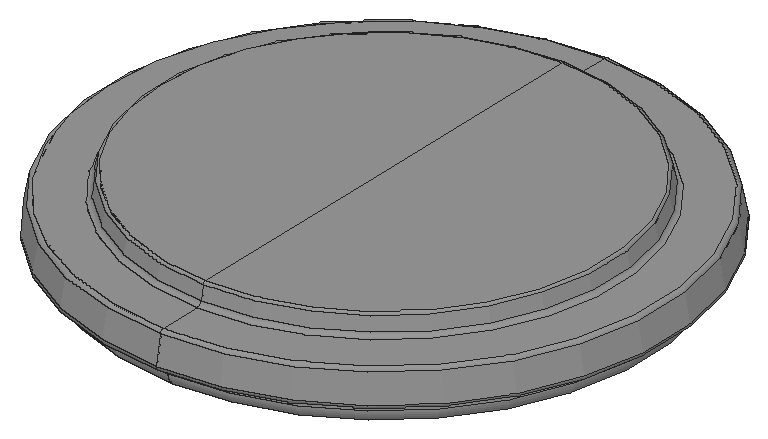
Revit family "FMK12_63_UN_Surface-mounted_ETK", category Lighting Fixtures, Revit 2017 (continued)
Definition of nested family "FMK.1 - Lightsource"
  Types (13, lengths in mm): name | Wattage Comments | Photometric Web File | built-in parameter 1150142 | Apparent Load
      7\t845.6279\t837.2505\t828.7046\r\n820.8892\t808.5294\t794.6828\t780.7313\t766.7399\t753.3042\t736.8157\t717.376\t698.4828\t679.6018\r\n660.7454\t640.362\t616.5052\t593.2118\t569.9003\t546.5645\t521.7449\t492.9603\t464.7713\t436.5529\r\n408.4089\t380.2993\t352.2163\t324.1871\t296.1648\t295.0992\t58.3298\t0\t0\t0\r\n0\t0\t0\t0\t0\t0\r\n874.5378\t873.1787\t871.8906\t869.4225\t865.4741\t861.5098\t853.6663\t845.5419\t837.3296\t828.966\r\n820.9946\t808.168\t794.4658\t780.6698\t766.7676\t753.3828\t735.9125\t717.1808\t698.4002\t679.6289\r\n661.3763\t639.5511\t616.3854\t593.1622\t569.9268\t547.3452\t520.7008\t492.559\t464.4021\t436.3034\r\n408.2306\t380.1924\t352.1746\t324.1506\t296.1435\t291.7229\t42.0496\t0\t0\t0\r\n0\t0\t0\t0\t0\t0\r\n874.5378\t873.1872\t871.8792\t869.3796\t865.4501\t861.5019\t853.6048\t845.4724\t837.3383\t829.125\r\n821.257\t808.0996\t794.2463\t780.4905\t766.783\t753.4813\t735.7151\t717.0553\t698.4012\t679.7154\r\n661.4284\t639.2059\t616.1027\t593.032\t569.9375\t547.3608\t520.2839\t492.1925\t464.1315\t436.0946\r\n408.059\t380.0439\t352.0407\t324.044\t296.0592\t287.2616\t29.2412\t0\t0\t0\r\n0\t0\t0\t0\t0\t0\r\n874.5378\t873.1946\t871.8708\t869.3429\t865.3511\t861.4654\t853.522\t845.3876\t837.3038\t829.213\r\n821.3983\t808.0589\t794.2785\t780.4806\t766.7138\t753.3578\t735.4135\t716.9221\t698.3876\t679.8174\r\n661.6144\t639.1454\t616.089\t593.0322\t569.9791\t547.3253\t519.937\t491.9011\t463.8912\t435.8826\r\n407.9047\t379.9152\t351.9308\t323.9706\t296.0103\t282.4648\t19.3452\t0\t0\t0\r\n0\t0\t0\t0\t0\t0\r\n874.5378\t873.2008\t871.8658\t869.3122\t865.3181\t861.3444\t853.4315\t845.314\t837.1882\t829.0836\r\n821.3316\t807.9939\t794.3269\t780.6068\t766.7932\t753.2953\t735.1635\t716.7098\t698.244\t679.7566\r\n661.541\t638.9137\t615.9516\t592.9558\t569.9576\t547.2581\t519.6607\t491.6764\t463.7221\t435.7385\r\n407.7559\t379.7909\t351.82\t323.8538\t295.9054\t277.7253\t11.876\t0\t0\t0\r\n0\t0\t0\t0\t0\t0\r\n874.5378\t873.2063\t871.8819\t869.2874\t865.299\t861.3052\t853.3055\t845.2393\t837.1371\t829.0142\r\n821.0261\t807.611\t794.0568\t780.5616\t766.9301\t753.4319\t735.1638\t716.7034\t698.239\t679.8087\r\n661.5455\t638.787\t615.8396\t592.8931\t569.9362\t547.1758\t519.4196\t491.4447\t463.4832\t435.5123\r\n407.5575\t379.6062\t351.6484\t323.704\t295.7593\t273.5651\t6.4599\t0\t0\t0\r\n0\t0\t0\t0\t0\t0\r\n874.5378\t873.2105\t871.8807\t869.2628\t865.2938\t861.3005\t853.2621\t845.2028\t837.128\t829.06\r\n821.0427\t807.5309\t793.9063\t780.3313\t766.755\t753.2447\t734.942\t716.5464\t698.1597\t679.7663\r\n661.4406\t638.6005\t615.6694\t592.7384\t569.8083\t546.9635\t519.1064\t491.1625\t463.2285\t435.2879\r\n407.3554\t379.4271\t351.4835\t323.553\t295.6103\t270.2942\t2.8007\t0\t0\t0\r\n0\t0\t0\t0\t0\t0\r\n874.5378\t873.2137\t871.8805\t869.2526\t865.3191\t861.3779\t853.3055\t845.2304\t837.1334\t829.0749\r\n821.0348\t807.4942\t793.9368\t780.3801\t766.8224\t753.2824\t734.9445\t716.5876\t698.2309\t679.8615\r\n661.5194\t638.5978\t615.6583\t592.7294\t569.7867\t546.8703\t518.9484\t491.0018\t463.0691\t435.1272\r\n407.1843\t379.2411\t351.3004\t323.3593\t295.4183\t268.1597\t0.6894\t0\t0\t0\r\n0\t0\t0\t0\t0\t0\r\n874.5378\t873.2162\t871.8817\t869.2512\t865.3246\t861.398\t853.3139\t845.2299\t837.1587\t829.0747\r\n820.9909\t807.4275\t793.8644\t780.3012\t766.7379\t753.1619\t734.7868\t716.3988\t698.0109\t679.6229\r\n661.2479\t638.3686\t615.4767\t592.5977\t569.7187\t546.8395\t518.879\t490.9314\t462.9709\t435.0106\r\n407.0501\t379.1025\t351.142\t323.1814\t295.2209\t267.2733\t0\t0\t0\t0\r\n0\t0\t0\t0\t0\t0\r\n874.5378\t873.2174\t871.8842\t869.2581\t865.33\t861.4047\t853.311\t845.2056\t837.0739\t828.9462\r\n820.8403\t807.3318\t793.812\t780.2968\t766.7726\t753.2824\t734.8778\t716.4489\t698.0158\t679.5644\r\n661.1377\t638.226\t615.3145\t592.3919\t569.4886\t546.6473\t518.7089\t490.7526\t462.7876\t434.832\r\n406.8651\t378.8974\t350.9408\t322.9721\t295.0166\t267.7135\t0.6882\t0\t0\t0\r\n0\t0\t0\t0\t0\t0\r\n874.5378\t873.2177\t871.8879\t869.2735\t865.3469\t861.3799\t853.2844\t845.155\t837.0176\t828.8619\r\n820.7739\t807.3132\t793.8041\t780.2628\t766.7183\t753.2454\t734.8257\t716.3247\t697.8308\t679.3293\r\n660.9416\t638.108\t615.1923\t592.2845\t569.3639\t546.5397\t518.6258\t490.6343\t462.6452\t434.6416\r\n406.6545\t378.671\t350.6837\t322.6904\t294.7068\t269.3434\t2.7907\t0\t0\t0\r\n0\t0\t0\t0\t0\t0\r\n874.5378\t873.2169\t871.8926\t869.3412\t865.3486\t861.3804\t853.3\t845.1503\t837.0129\t828.8406\r\n820.781\t807.3419\t793.7647\t780.1949\t766.6136\t753.1874\t734.828\t716.2947\t697.7396\t679.1926\r\n660.798\t638.0135\t615.0616\t592.1117\t569.1699\t546.4236\t518.594\t490.5681\t462.5307\t434.4953\r\n406.4633\t378.4463\t350.4245\t322.4064\t294.4018\t272.1014\t6.4249\t0\t0\t0\r\n0\t0\t0\t0\t0\t0\r\n874.5378\t873.2152\t871.9278\t869.3558\t865.3439\t861.3861\t853.3487\t845.1726\t836.967\t828.727\r\n820.664\t807.3077\t793.6823\t780.0565\t766.3986\t753.0359\t734.7796\t716.1724\t697.5441\t678.9154\r\n660.5438\t637.9001\t614.9125\t591.9018\t568.8701\t546.1409\t518.4497\t490.3558\t462.2465\t434.1892\r\n406.1466\t378.1144\t350.0904\t322.0724\t294.0605\t275.7519\t11.7902\t0\t0\t0\r\n0\t0\t0\t0\t0\t0\r\n874.5378\t873.2125\t871.9301\t869.3625\t865.3333\t861.4025\t853.3886\t845.1642\t836.8993\t828.5519\r\n820.5008\t807.2182\t793.5762\t779.9097\t766.2426\t752.8677\t734.7486\t716.0623\t697.3795\t678.6902\r\n660.3598\t637.8116\t614.703\t591.6\t568.5132\t545.9536\t518.4934\t490.3721\t462.235\t434.1121\r\n405.9648\t377.8798\t349.8149\t321.752\t293.7119\t279.934\t19.1677\t0\t0\t0\r\n0\t0\t0\t0\t0\t0\r\n874.5378\t873.2087\t871.9283\t869.3615\t865.3142\t861.4034\t853.4312\t845.153\t836.7716\t828.2778\r\n820.2997\t807.3122\t793.6719\t779.8871\t766.0274\t752.6458\t734.7694\t716.0323\t697.2557\t678.4638\r\n660.1817\t637.9182\t614.73\t591.4671\t568.2176\t545.5107\t518.3416\t490.1876\t462.0312\t433.8869\r\n405.7513\t377.6234\t349.5079\t321.3916\t293.2989\t284.1544\t28.9161\t0\t0\t0\r\n0\t0\t0\t0\t0\t0\r\n874.5378\t873.2038\t871.9226\t869.3526\t865.2926\t861.396\t853.4883\t845.0821\t836.5563\t828.1191\r\n820.3394\t807.5393\t793.6652\t779.7566\t765.8495\t752.4732\t734.8709\t715.9857\t697.1124\t678.2287\r\n659.8486\t637.8277\t614.451\t591.1489\t567.8835\t545.2682\t518.535\t490.2868\t462.0508\t433.819\r\n405.599\t377.4086\t349.2259\t321.0734\t292.9314\t288.0436\t41.5021\t0\t0\t0\r\n0\t0\t0\t0\t0\t0\r\n874.5378\t873.1653\t871.9129\t869.3206\t865.2668\t861.4007\t853.4932\t844.934\t836.47\t828.0812\r\n820.2094\t807.6214\t793.6578\t779.6636\t765.5934\t752.0593\t735.5085\t715.9368\t696.9351\t677.8584\r\n658.7356\t638.292\t614.4044\t591.0443\t567.6866\t544.304\t519.3028\t490.3332\t461.9982\t433.6833\r\n405.3974\t377.1517\t348.9276\t320.723\t292.5515\t290.8817\t57.4609\t0\t0\t0\r\n0\t0\t0\t0\t0\t0\r\n874.5378\t873.1594\t871.8996\t869.3025\t865.2375\t861.3385\t853.4196\t844.908\t836.4832\t827.9292\r\n819.9316\t807.7258\t793.6464\t779.4456\t765.2737\t751.0757\t735.6312\t715.9911\t696.7548\t677.5122\r\n658.3453\t638.4048\t614.4245\t590.8503\t567.3218\t543.8124\t519.3638\t490.4245\t462.0381\t433.6563\r\n405.2967\t376.956\t348.6364\t320.3659\t292.1286\t291.9233\t77.4293\t0\t0\t0\r\n0\t0\t0\t0\t0\t0\r\n874.5378\t873.1534\t871.8827\t869.2822\t865.215\t861.238\t853.4466\t844.9759\t836.4204\t827.7241\r\n818.9191\t808.4396\t793.5628\t779.3941\t765.1038\t750.8009\t735.6841\t715.8661\t696.6742\t677.3612\r\n657.9261\t638.2092\t614.3411\t590.6648\t567.015\t543.4159\t519.4623\t490.6092\t462.0416\t433.4799\r\n405.0336\t376.6498\t348.2942\t319.9803\t291.7083\t263.4712\t160.4034\t0\t0\t0\r\n0\t0\t0\t0\t0\t0\r\n874.5378\t873.1477\t871.8619\t869.2593\t865.1716\t861.0587\t853.5235\t845.0092\t836.3294\t827.5569\r\n818.5312\t808.4001\t793.7203\t779.3638\t764.9143\t750.195\t735.4562\t716.0883\t696.5906\t677.0308\r\n657.4478\t637.9207\t614.2992\t590.5998\t566.774\t542.8288\t519.1553\t490.67\t462.0466\t433.4484\r\n404.8989\t376.4164\t347.9938\t319.613\t291.2777\t263.0144\t184.51\t0\t0\t0\r\n0\t0\t0\t0\t0\t0\r\n874.5378\t873.1423\t871.8214\t869.2343\t865.1225\t860.9335\t854.1648\t845.025\t836.2902\t827.3501\r\n818.0969\t808.537\t793.8403\t779.2954\t764.5287\t749.9304\t735.4085\t716.1846\t696.4574\t676.7315\r\n656.9624\t637.7089\t614.426\t590.2698\t566.3735\t542.4149\t518.8773\t490.8972\t462.1599\t433.4591\r\n404.7836\t376.1976\t347.6786\t319.2432\t290.8385\t262.4971\t206.9558\t0\t0\t0\r\n0\t0\t0\t0\t0\t0\r\n874.5378\t873.1371\t871.7974\t869.2045\t865.0709\t860.8053\t854.2772\t845.095\t836.2942\t827.0798\r\n817.8728\t808.475\t793.9383\t779.1604\t764.5213\t749.55\t734.9988\t716.2734\t696.4663\t676.581\r\n656.5889\t636.4035\t615.0402\t590.3719\t566.1577\t541.9601\t518.3775\t491.169\t462.2869\t433.4958\r\n404.7142\t375.9673\t347.3617\t318.8732\t290.4122\t262.0192\t226.7248\t0\t0\t0\r\n0\t0\t0\t0\t0\t0\r\n874.5378\t873.1321\t871.7723\t869.1765\t865.0118\t860.1806\t854.362\t845.25\t836.2505\t826.93\r\n817.5699\t808.2184\t794.0459\t779.3879\t764.3095\t749.0823\t733.7856\t717.1666\t696.5144\t676.2573\r\n656.1331\t635.9858\t615.1213\t590.3305\t565.9234\t541.5204\t517.1911\t492.0191\t462.4518\t433.5271\r\n404.7176\t375.8832\t347.0934\t318.4429\t289.9088\t261.4666\t242.4907\t0\t0\t0\r\n0\t0\t0\t0\t0\t0\r\n874.5378\t873.1276\t871.7463\t869.1475\t865.1507\t860.059\t854.4649\t845.3869\t836.1791\t826.8843\r\n817.1853\t807.8265\t794.4898\t779.3946\t764.1011\t748.7048\t733.2358\t717.1317\t696.5003\t676.2439\r\n655.8685\t635.3524\t614.9014\t590.4089\t565.8118\t541.1035\t516.5141\t492.0967\t462.8679\t433.6426\r\n404.5624\t375.6186\t346.7992\t318.0818\t289.4678\t260.9595\t252.9585\t20.8546\t0\t0\r\n0\t0\t0\t0\t0\t0\r\n874.5378\t873.1239\t871.7193\t869.1177\t865.1083\t859.9445\t854.5656\t845.5213\t836.2176\t826.7529\r\n816.8356\t806.7715\t795.3953\t779.4412\t763.9771\t748.401\t732.6044\t716.8924\t696.7922\t676.2588\r\n655.5476\t634.8207\t614.4939\t590.5547\t565.6334\t540.9101\t516.0191\t491.6092\t463.0361\t433.7875\r\n404.6152\t375.564\t346.5899\t317.7396\t289.041\t260.4697\t256.5419\t50.1377\t0\t0\r\n0\t0\t0\t0\t0\t0\r\n874.5378\t873.1205\t871.6917\t869.088\t865.0614\t859.8254\t854.696\t845.6292\t836.3411\t826.5904\r\n816.5157\t806.4174\t795.3129\t779.5699\t763.935\t748.09\t732.0432\t716.4675\t697.1364\t676.2838\r\n655.3747\t634.3634\t613.1904\t591.2615\t565.7319\t540.5021\t515.3078\t490.357\t464.0817\t434.0702\r\n404.678\t375.4752\t346.3727\t317.3755\t288.5998\t260.0059\t231.5276\t139.1196\t0\t0\r\n0\t0\t0\t0\t0\t0\r\n874.5378\t873.1177\t871.6635\t869.0711\t864.9875\t859.7376\t854.7265\t845.8345\t836.4197\t826.4806\r\n816.3763\t805.8271\t795.1493\t779.78\t763.9449\t747.8715\t731.5665\t715.166\t697.934\t676.4773\r\n655.282\t633.8937\t612.5424\t591.1011\t565.5151\t540.2392\t514.9713\t489.6705\t464.1712\t434.3641\r\n404.731\t375.3413\t346.1916\t317.1283\t288.2271\t259.5707\t231.0395\t174.8013\t0\t0\r\n0\t0\t0\t0\t0\t0\r\n874.5378\t873.116\t871.6347\t869.0359\t864.9399\t859.6699\t854.6911\t846.1371\t836.4834\t826.4067\r\n816.1692\t805.3173\t794.7319\t780.0969\t764.0892\t747.6697\t731.16\t714.4374\t697.8291\t676.7816\r\n655.2197\t633.5857\t611.8363\t590.2859\t565.8254\t540.2301\t514.5244\t488.963\t463.7469\t434.6274\r\n404.9771\t375.3701\t346.1398\t317.0251\t288.0575\t259.1972\t230.5239\t201.8916\t0\t0\r\n0\t0\t0\t0\t0\t0\r\n874.5378\t873.1148\t871.6158\t868.9965\t864.8958\t859.6228\t854.5539\t846.9346\t836.6099\t826.434\r\n815.8987\t804.8756\t793.4616\t781.0043\t764.1974\t747.5878\t730.8089\t713.8387\t697.2788\t677.7096\r\n655.2755\t633.3498\t611.2471\t589.1307\t566.4573\t540.1616\t514.2104\t488.2458\t462.4791\t435.5946\r\n405.4232\t375.8301\t346.2261\t316.7072\t287.5218\t258.6241\t229.9821\t218.3677\t1.4181\t0\r\n0\t0\t0\t0\t0\t0\r\n874.5378\t873.1148\t871.4135\t868.9531\t864.8549\t859.6285\t853.8801\t847.1239\t836.7793\t826.5441\r\n815.7209\t804.4914\t792.8131\t780.9909\t764.4069\t747.6091\t730.5763\t713.3911\t695.7965\t677.7394\r\n655.5639\t633.3302\t610.8652\t588.3311\t566.0526\t540.2697\t513.9696\t487.7843\t461.8169\t436.139\r\n405.9376\t375.7012\t345.8734\t316.3979\t287.1674\t258.2025\t229.5371\t201.0972\t32.7229\t0\r\n0\t0\t0\t0\t0\t0\r\n874.5378\t873.1157\t871.3857\t868.9059\t864.8122\t859.6005\t853.7184\t847.1913\t837.0206\t826.6294\r\n815.616\t804.1579\t792.2489\t780.4548\t765.3739\t747.7684\t730.5646\t712.9603\t694.896\t677.3758\r\n656.0919\t633.3533\t610.5914\t587.7431\t564.6955\t540.9183\t514.0502\t487.6357\t461.3264\t435.1559\r\n405.9745\t375.8016\t345.8653\t316.2427\t286.935\t257.8439\t229.0565\t200.5588\t121.0597\t0\r\n0\t0\t0\t0\t0\t0\r\n874.5378\t873.1177\t871.3597\t868.8558\t864.7772\t859.7448\t853.6086\t847.202\t837.3244\t826.7335\r\n815.5778\t803.8469\t791.7841\t779.024\t765.575\t748.0615\t730.6251\t712.4963\t694.3063\t675.9674\r\n656.8183\t633.6318\t610.607\t587.2134\t563.8414\t540.7799\t514.3458\t487.3942\t460.3847\t433.6203\r\n406.7012\t376.1007\t346.025\t316.1688\t286.6386\t257.483\t228.6307\t200.1164\t160.7352\t0\r\n0\t0\t0\t0\t0\t0\r\n874.5378\t873.1212\t871.3356\t868.8035\t864.7448\t859.719\t853.4741\t847.1241\t838.2115\t826.9282\r\n815.6445\t803.6467\t791.2839\t778.254\t765.3459\t748.6475\t730.727\t712.354\t693.8963\t675.1001\r\n656.3422\t634.29\t610.6206\t586.987\t563.2278\t539.5079\t514.9576\t487.2022\t460.0115\t432.8361\r\n406.3086\t376.5481\t346.1577\t316.142\t286.4688\t257.1646\t228.2272\t199.6965\t184.1784\t0\r\n0\t0\t0\t0\t0\t0\r\n874.5378\t873.1145\t871.314\t868.7321\t864.7135\t859.6655\t853.3469\t846.9525\t838.4615\t827.1968\r\n815.7365\t803.6001\t790.8859\t777.6638\t764.0429\t749.641\t730.8533\t712.4239\t693.6634\t674.2428\r\n654.8376\t634.939\t611.0564\t586.9622\t562.8648\t538.5218\t514.5308\t487.5065\t459.793\t432.2548\r\n404.8905\t377.3325\t346.4513\t316.1859\t286.3269\t256.9216\t227.9008\t199.2861\t171.0833\t13.5537\r\n0\t0\t0\t0\t0\t0\r\n874.5378\t873.121\t871.2949\t868.6813\t864.6788\t859.6312\t853.2314\t846.1805\t838.5617\t827.5539\r\n815.8193\t803.5894\t790.5657\t777.1774\t763.3604\t749.328\t731.42\t712.6464\t693.4122\t673.7662\r\n653.9971\t634.2925\t612.1104\t587.234\t562.5508\t537.8733\t513.1983\t488.0585\t459.8235\t431.9327\r\n404.1247\t376.8938\t346.8206\t316.3736\t286.2989\t256.6393\t227.5328\t198.9022\t170.7269\t95.826\r\n0\t0\t0\t0\t0\t0\r\n874.5378\t873.1291\t871.2788\t868.6317\t864.6465\t859.5948\t853.1034\t845.9697\t838.5155\t828.5216\r\n816.0557\t803.6552\t790.4234\t776.8017\t762.6863\t747.6885\t732.3331\t713.1796\t693.4286\t673.628\r\n653.1886\t632.5632\t611.9623\t587.64\t562.6594\t537.6045\t512.3105\t487.0388\t460.2501\t431.7975\r\n403.4774\t375.5256\t347.5951\t316.5358\t286.2562\t256.4913\t227.2516\t198.5803\t170.4139\t138.7329\r\n0\t0\t0\t0\t0\t0\r\n874.5378\t873.1388\t871.2657\t868.5826\t864.6294\t859.5546\t853.1889\t845.8159\t838.3052\t828.8487\r\n816.422\t803.8295\t790.4635\t776.5827\t762.0723\t746.82\t731.8552\t714.2479\t693.7426\t673.5293\r\n652.767\t631.6128\t610.3441\t588.5692\t563.178\t537.5467\t511.8293\t486.0864\t460.5385\t431.7477\r\n403.1944\t374.7977\t346.5468\t316.9346\t286.3472\t256.3941\t227.0229\t198.2733\t170.0903\t157.0797\r\n0\t0\t0\t0\t0\t0\r\n874.5378\t873.1505\t871.256\t868.5337\t864.5865\t859.5105\t853.1272\t845.68\t837.4588\t828.8802\r\n817.4628\t804.0723\t790.6168\t776.5061\t761.5862\t746.234\t730.4012\t714.0986\t694.4553\t673.7138\r\n652.6378\t631.1459\t609.1639\t587.2184\t564.3104\t537.9385\t511.6362\t485.4307\t458.9262\t432.5432\r\n403.2478\t374.1903\t345.588\t317.4117\t286.5868\t256.3884\t226.8101\t197.9286\t169.7587\t142.2332\r\n15.3877\t0\t0\t0\t0\t0\r\n874.5378\t873.1636\t871.2498\t868.4851\t864.5387\t859.4745\t853.0702\t845.5771\t837.2036\t828.5819\r\n817.8174\t804.487\t790.9119\t776.5205\t761.2558\t745.6894\t729.579\t712.5164\t695.2834\t674.1984\r\n652.6249\t630.8842\t608.6019\t586.018\t563.8156\t539.0285\t511.9566\t485.117\t458.2418\t431.4959\r\n403.7599\t374.021\t344.904\t316.2618\t286.9509\t256.4055\t226.6742\t197.7113\t169.4703\t141.9483\r\n95.6387\t0\t0\t0\t0\t0\r\n874.5378\t873.5098\t871.2267\t868.278\t864.4866\t859.4118\t853.0367\t845.6354\t837.0122\t827.6477\r\n817.9097\t805.561\t791.3484\t776.6668\t761.2566\t745.4178\t728.9\t711.6739\t693.8556\t675.3117\r\n653.3052\t630.8282\t608.2066\t585.2483\t561.936\t538.7421\t512.7239\t485.3117\t457.9568\t430.4454\r\n403.4266\t374.1861\t344.6473\t315.3828\t286.9586\t256.6718\t226.6229\t197.4194\t169.169\t141.7479\r\n125.3471\t0\t0\t0\t0\t0\r\n874.5378\t873.5227\t871.2275\t868.2453\t864.431\t859.3441\t852.9896\t845.4866\t836.8872\t827.3282\r\n817.6471\t805.9092\t791.9213\t776.9897\t761.5455\t745.4342\t728.4893\t711.049\t692.69\t673.8086\r\n654.4018\t631.5171\t608.3001\t584.9162\t560.8979\t536.9279\t513.0703\t486.0902\t458.028\t430.067\r\n402.1238\t374.5874\t344.6359\t314.9025\t285.7982\t257.0599\t226.6311\t197.3071\t168.8828\t141.4334\r\n114.8731\t0\t0\t0\t0\t0\r\n874.5378\t873.5349\t871.2334\t868.2237\t864.3725\t859.2714\t852.9462\t845.3866\t836.9784\t827.1172\r\n816.6734\t805.8343\t792.8486\t777.4676\t761.9559\t745.6219\t728.3185\t710.6289\t691.924\t672.6898\r\n652.8374\t632.3913\t608.8941\t584.91\t560.5142\t536.0413\t511.0861\t486.3543\t458.9473\t430.3095\r\n401.9068\t373.1601\t345.0868\t314.9285\t285.0522\t256.0766\t226.8682\t197.1838\t168.6311\t141.1251\r\n114.6214\t60.2228\t0\t0\t0\t0\r\n874.5378\t873.5458\t871.2448\t868.2083\t864.3112\t859.1953\t852.8983\t845.2954\t836.8971\t827.1911\r\n816.3399\t804.9019\t792.8084\t778.5099\t762.5278\t746.0604\t728.5511\t710.5034\t691.4999\t672.0505\r\n651.8754\t630.8979\t609.8459\t585.4278\t560.7367\t535.6639\t510.2662\t484.5213\t459.1174\t432.045\r\n401.8711\t372.6592\t343.8669\t315.2541\t284.9713\t255.3465\t226.7838\t197.2532\t168.4032\t140.7993\r\n114.2915\t96.6496\t0\t0\t0\t0\r\n874.5378\t873.5557\t871.2622\t868.2096\t864.1101\t859.1164\t852.8482\t845.2125\t836.8076\t827.1135\r\n816.0988\t804.5976\t791.8516\t778.5898\t763.6657\t746.7498\t729.1884\t710.6738\t691.4724\t671.6182\r\n651.2187\t629.8478\t608.131\t585.9732\t561.9811\t535.8747\t509.8258\t483.6913\t457.3199\t430.6847\r\n402.9534\t372.8541\t343.2873\t314.2282\t285.4745\t255.0861\t225.7388\t197.5241\t168.3476\t140.4965\r\n113.9128\t88.563\t0\t0\t0\t0\r\n874.5378\t873.5644\t871.285\t868.223\t864.0799\t859.0026\t852.7954\t845.1374\t836.7131\t827.023\r\n816.1214\t804.415\t791.466\t777.7002\t763.6838\t747.8125\t730.5324\t711.2154\t691.8818\t671.5319\r\n650.8249\t629.3124\t607.0958\t584.2255\t561.0655\t
